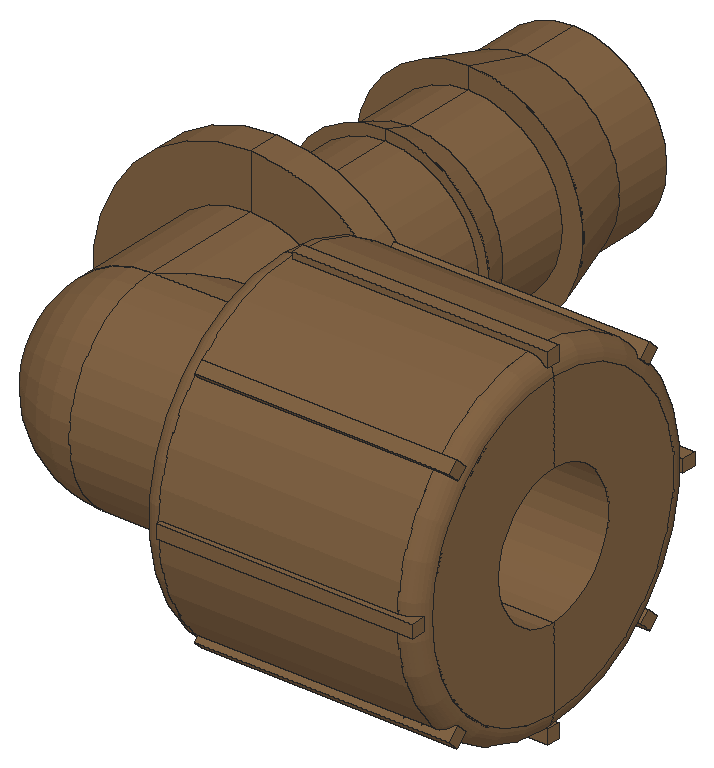
Revit family "XFF-FA-050", category Conexões de tubo, Revit 2020
Family settings
  Cota do conector redondo = Utilizar diâmetro
  Tipo de parte = Cotovelo
  Com base no plano de trabalho = Não
  Sempre na vertical = Sim
  Corte com vazios quando carregada = Não
  Compartilhado = Não
Parameters (values of type "XFF-FA-050")
  y = 8.5 mm
  Y2 = 42.5 mm
  R1 = 6.35 mm
  DTT5 = 26.25 mm
  DTT4 = 1 mm
  DTT3 = 10 mm
  DTT2 = 2 mm
  DTT1 = 3 mm
  DN2 [instance] = 16.1 mm
  URL = "www.rainbird.com"
  SupportProjetos: Review Date = ""  # constant formula
  SupportProjetos: Review = "R00"  # constant formula
  SupportProjetos: Level of Detail = "LOD 300"  # constant formula
  SupportProjetos: Developed = "MICHEL SOARES MOTA"  # constant formula
  SupportProjetos: Creation Date = "07/10/2020"  # constant formula
  RainBird: Product Link = "www.rainbird.com"
  RainBird: Description = "XFF-FA-050: Low profile barb elbow female adapter 17mm x 1/2\" FPT"
  RainBird: Comment = ""
  RainBird: Code = ""
  Modelo = "XFF-FA-050"
  Tipo de imagem = <Nenhum>
  Elevação padrão = 0 mm
  DN1 [instance] = 12.7 mm
  Comentários de tipos = RainBird: Description  # "XFF-FA-050: Low profile barb elbow female adapter 17mm x 1/2\" FPT"
  PVC = PVC - Franklin Electric - Preto
Reference planes
  plane 1 "Centro (Frente/Trás)": y = 0
  plane 2: z = 0
  plane 3 "Centro (Esquerda/Direita)": x = 0
Forms (mm)
  Revolve 1, solid, material "PVC - Franklin Electric - Preto" <- "PVC"
    sketch origin (0, 0, 0) x (1, 0, 0) y (0, 0, 1)
      loop
        arc (0, 9.5) -> (-6.718, 6.718) -> (-9.5, 0) r 9.5
        line (-9.5, 0) -> (19.101, 0) -> (19.101, 6.35) -> (36.884, 6.35) -> (36.884, 13.866)
        arc (36.884, 13.866) -> (36.357, 15.139) -> (35.084, 15.666) r 1.8
        line (35.084, 15.666) -> (13.11, 15.666)
        arc (13.11, 15.666) -> (11.89, 15.161) -> (11.385, 13.942) r 1.725
        line (11.385, 13.942) -> (11.385, 9.5) -> (0, 9.5)
      axis (-9.5, 0) -> (36.884, 0)
    angle from 0 to 360
  Revolve 2, solid, material "PVC - Franklin Electric - Preto" <- "PVC"
    sketch origin (0, 0, 0) x (0, 1, 0) y (0, 0, 1)
      loop
        line (0, 9.5) -> (0, 0) -> (48.451, 0) -> (48.451, 8.5) -> (43.055, 8.5) -> (36.451, 10.519) -> (36.451, 8.5) -> (29.673, 8.5) -> (26.884, 9.5) -> (26.884, 8.5) -> (17.885, 8.5) -> (17.885, 9.5) -> (14.385, 9.5) -> (14.385, 14.5) -> (11.385, 14.5) -> (11.385, 9.5) -> (0, 9.5)
      axis (0, 0) -> (48.451, 0)
    angle from 0 to 360
  Extrusion 3, solid, material "PVC - Franklin Electric - Preto" <- "PVC"
    sketch origin (0, 0, 0) x (0, 1, 0) y (0, 0, 1)
      loop
        line (-0.592, 16.197) -> (-0.592, 14.856) -> (0.592, 14.856) -> (0.592, 16.197) -> (-0.592, 16.197)
      loop
        line (-0.592, -16.197) -> (0.592, -16.197) -> (0.592, -14.856) -> (-0.592, -14.856) -> (-0.592, -16.197)
      loop
        line (-11.872, 11.035) -> (-10.923, 10.086) -> (-10.086, 10.923) -> (-11.035, 11.872) -> (-11.872, 11.035)
      loop
        line (11.035, -11.872) -> (11.872, -11.035) -> (10.923, -10.086) -> (10.086, -10.923) -> (11.035, -11.872)
      loop
        line (-16.197, -0.592) -> (-14.856, -0.592) -> (-14.856, 0.592) -> (-16.197, 0.592) -> (-16.197, -0.592)
      loop
        line (16.197, -0.592) -> (16.197, 0.592) -> (14.856, 0.592) -> (14.856, -0.592) -> (16.197, -0.592)
      loop
        line (-11.035, -11.872) -> (-10.086, -10.923) -> (-10.923, -10.086) -> (-11.872, -11.035) -> (-11.035, -11.872)
      loop
        line (11.872, 11.035) -> (11.035, 11.872) -> (10.086, 10.923) -> (10.923, 10.086) -> (11.872, 11.035)
    from 13.406 to 36.884
Dimensions and locks
  "R1": Revolve 1 sketch curve to Revolve 1 sketch curve
  aligned and locked: level to plane 2
Automatic sketch dimensions
  Revolve 2 sketch curve to level = 0 mm  (x2)
  Revolve 2 sketch curve to plane 1 "Centro (Frente/Trás)" = 0 mm
  Revolve 2 sketch curve to plane 1 "Centro (Frente/Trás)" = 11.385 mm
  Revolve 2 sketch curve to Revolve 2 sketch curve = 3 mm
  Revolve 2 sketch curve to Revolve 2 sketch curve = 3.5 mm
  Revolve 2 sketch curve to Revolve 2 sketch curve = 8.999 mm
  Revolve 2 sketch curve to Revolve 2 sketch curve = 2.789 mm
  level to Revolve 2 sketch curve = 10.519 mm
  Revolve 2 sketch curve to Revolve 2 sketch curve = 6.779 mm
  Revolve 2 sketch curve to Revolve 2 sketch curve = 6.604 mm
  Revolve 2 sketch curve to Revolve 2 sketch curve = 5.396 mm
  level to Revolve 2 sketch curve = 8.5 mm  (x2)
  Revolve 2 sketch curve to Revolve 2 sketch curve = 2.019 mm
  Revolve 2 sketch curve to Revolve 2 sketch curve = 1 mm  (x2)
  level to Revolve 2 sketch curve = 9.5 mm
  Revolve 2 sketch curve to Revolve 2 sketch curve = 5 mm
  Revolve 2 sketch curve to Revolve 2 sketch curve = 52.5 mm
  Revolve 2 sketch curve to Revolve 2 sketch curve = 10.625 mm
  Revolve 1 sketch curve to level = 0 mm  (x2)
  Revolve 1 sketch curve to plane 3 "Centro (Esquerda/Direita)" = 0 mm
  Revolve 1 sketch curve to plane 3 "Centro (Esquerda/Direita)" = 9.5 mm
  Revolve 1 sketch curve to Revolve 1 sketch curve = 11.385 mm
  Revolve 1 sketch curve to Revolve 1 sketch curve = 1.725 mm
  Revolve 1 sketch curve to Revolve 1 sketch curve = 7.715 mm
  Revolve 1 sketch curve to Revolve 1 sketch curve = 15.984 mm
  Revolve 1 sketch curve to Revolve 1 sketch curve = 1.8 mm
  Revolve 1 sketch curve to Revolve 1 sketch curve = 7.516 mm
  Revolve 1 sketch curve to Revolve 1 sketch curve = 43 mm
  Revolve 1 sketch curve to Revolve 1 sketch curve = 22.191 mm
  Extrusion 3 sketch curve to level = 0.592 mm  (x2)
  plane 1 "Centro (Frente/Trás)" to Extrusion 3 sketch curve = 16.197 mm
  Extrusion 3 sketch curve to Extrusion 3 sketch curve = 1.341 mm  (x4)
  Extrusion 3 sketch curve to Extrusion 3 sketch curve = 2.984 mm  (x2)
  Extrusion 3 sketch curve to Extrusion 3 sketch curve = 0.837 mm  (x8)
  Extrusion 3 sketch curve to Extrusion 3 sketch curve = 0.948 mm  (x4)
  plane 1 "Centro (Frente/Trás)" to Extrusion 3 sketch curve = 0.592 mm  (x2)
  Extrusion 3 sketch curve to plane 1 "Centro (Frente/Trás)" = 0.592 mm  (x2)
  Extrusion 3 sketch curve to plane 1 "Centro (Frente/Trás)" = 10.086 mm  (x2)
  Extrusion 3 sketch curve to Extrusion 3 sketch curve = 3.933 mm  (x3)
  level to Extrusion 3 sketch curve = 0.592 mm  (x2)
  Extrusion 3 sketch curve to level = 10.086 mm  (x2)
  level to Extrusion 3 sketch curve = 10.086 mm  (x2)
Connectors
  piping at (17.885, 0, 0), diameter 12.7, driven by "DN1"
    settings: on Revolve 1, index 1, connector inside diameter 609.6 mm, connector length 0 mm, flow factor 0, pipe flow 0.0 L/s, pressure drop 0.0 Pa, fitting loss kfactor 0, connector angle 0.00°, fixture units 0, engagement length 0 mm, angle of deflection 0.00°, flow configuration 0, flow direction 0, fitting loss method 0, system type 7, joint type 0, gender type 0, connector reference index 2, connector utility 0, adjustable connector no, is connector primary yes, connector description ""
  piping at (0, 17.885, 0), diameter 16.1, driven by "DN2"
    settings: on Revolve 2, index 2, connector inside diameter 609.6 mm, connector length 0 mm, flow factor 0, pipe flow 0.0 L/s, pressure drop 0.0 Pa, fitting loss kfactor 0, connector angle 0.00°, fixture units 0, engagement length 0 mm, angle of deflection 0.00°, flow configuration 0, flow direction 0, fitting loss method 0, system type 7, joint type 0, gender type 0, connector reference index 1, connector utility 0, adjustable connector no, is connector primary no, connector description ""
